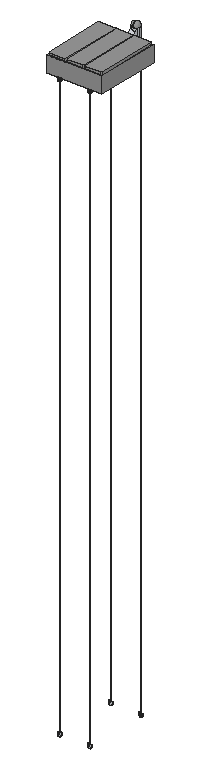
Revit family "62161", category Lighting Fixtures, host Face, Revit 2018
Family settings
  Host = Face
  Round Connector Dimension = Use Diameter
  Part Type = Normal
  OmniClass Number = 23.80.70.00
  OmniClass Title = Lighting
  Cut with Voids When Loaded = No
  Light Source = Yes
  Shared = No
  Room Calculation Point = No
Parameters (values of type "0062161 KUBIXX 4000K 14KLM WIDE SSA N")
  Weight = "n/a"
  Wattage Comments = ""
  Wattage = 9.2903 W
  WarrantyStartDate [instance] = "n/a"
  WarrantyGuarantorParts = "n/a"
  WarrantyDurationUnit = "n/a"
  WarrantyDurationParts = ""
  WarrantyDescription = "http://www.sylvania-lighting.com"
  built-in parameter 1150110 = 1 (stored number, unit not read)
  Voltage = 0 V
  URL = "0"
  TypeName = "KubiXx 4000K 14KLM WIDE SSA N"
  Type Image = <None>
  Type Comments = "n/a"
  Total length = 411.998 mm
  built-in parameter 1114217 = 1 (stored number, unit not read)
  Tilt Angle = -90.00°
  built-in parameter 1150109 = 1 (stored number, unit not read)
  built-in parameter 1150134 = 3
  Suspension height = 3000 mm
  built-in parameter 1150113 = 1 (stored number, unit not read)
  SerialNumber [instance] = "n/a"
  Photometric Web File = "0062161.IES"
  Material_3_SYL = none
  PowerFactor = 0
  PowerConsumption = "Lighting"
  NominalLength = 280 mm
  NominalHeight = 94 mm
  NominalDepth = 330 mm
  Name = "KubiXx 4000K 14KLM WIDE SSA N"
  ModelReference = Name  # "KubiXx 4000K 14KLM WIDE SSA N"
  ModelNumber = "0062161"
  Model = Name  # "KubiXx 4000K 14KLM WIDE SSA N"
  Material = "Feilo Sylvania"
  ManufacturerName = "172 lm/W"
  Manufacturer = ""
  LuminousEfficacy = ""
  built-in parameter 1150105 = 109.82 (stored number, unit not read)
  Lumens = 1380 lm
  LuminaireType = "0"
  built-in parameter 1150115 = 1 (stored number, unit not read)
  LightOutputRatio = "LED"
  built-in parameter 1150137 = (empty or 0)
  built-in parameter 1150139 = (empty or 0)
  LampsType = Lamp  # "n/a"
  LampNominalLuminous = "4000 K"
  LampMacAdamStep = "80"
  LampColourTemperature = "LED"
  LampColourRenderingIndex = "16500"
  built-in parameter 1150112 = 1 (stored number, unit not read)
  built-in parameter 1150114 = 1 (stored number, unit not read)
  Lamp = "n/a"
  Keynote = "n/a"
  InstallationDate [instance] = "n/a"
  InputVoltage = "0"
  InputNominalFrequency = "4000"
  built-in parameter 1150132 = (empty or 0)
  built-in parameter 1150102 = (empty or 0)
  built-in parameter 1150107 = 3200 (stored number, unit not read)
  built-in parameter 1150138 = (empty or 0)
  IngressProtection = "IfcLightFixtureType"
  ImpactProtectionIndex = "IfcLightFixtureType"
  built-in parameter 1150106 = 1.0982 (stored number, unit not read)
  IfcExportType = "IfcLightFixtureType"
  IfcExportAs = "Class I"
  Emit from Circle Diameter = 609.6 mm
  Emit Shape Visible in Rendering = no
  ElectricShockClassification = "172"
  built-in parameter 1150104 = 13.8 (stored number, unit not read)
  DocumentationLiterature = "http://www.sylvania-lighting.com/product/en-int/products/0062161"
  DimmingControlOptions = "n/a"
  Material_2_SYL = none
  Dimming Lamp Color Temperature Shift = <None>
  Description = "Logistics and Industry high bay luminaire with wide optics to provide homogenous light distribution for open space areas. 14300lumens, 83W, 172lm/W, 4000K, CRI80, wide beam optic, SylSmart SSA dimmable, 3 step MacAdam ellipse, grey finish (RAL7012), Class 1, 220-240V, IP65, IK06."
  Default Elevation = 1219.2 mm
  CreatedOn = "08/11/2023"
  CreatedBy = "@sylvania-lighting.com"
  Cost = 0
  Color Filter = 16777215
  built-in parameter 1114216 [instance] = (empty or 0)
  ClassificationValue = "EF_70_80"
  ClassificationName = "Uniclass2015"
  Material_1_SYL = none
  BarCode [instance] = "n/a"
  built-in parameter 1114218 = 1 (stored number, unit not read)
  built-in parameter 1150133 = 10 (stored number, unit not read)
  AssetType = "Fixed"
  AssetIdentifier [instance] = "n/a"
  Assembly Code = "D5020200"
  Apparent Load = 83 VA
  Material_4_SYL = none
Reference planes
  plane 1 "Center (Front/Back)": y = 0
  plane 2: z = 0
  plane 3 "Center (Left/Right)": x = 0
  plane 4: x = -140
  plane 5: x = 140
  plane 6: y = 165
  plane 7: y = -165
  plane 8: z = 94
  plane 9: x = -180.6
  plane 10: y = 160
  plane 11: y = -160
  plane 12: x = -93.6
  plane 13: x = -89.2
  plane 14: x = -2.2
  plane 15: x = 2.2
  plane 16: x = 89.2
  plane 17: x = 93.6
  plane 18: x = 180.6
  plane 19: x = 77.2
  plane 20: x = -77.2
  plane 21: x = -87.2
  plane 22: x = -67.2
  plane 23: z = -18
  plane 24: y = 162
  plane 25: z = -8
  plane 26: y = -162
  plane 27: z = 3083
  plane 28: z = 3094
  plane 29: y = 163.5
  plane 30: z = 3000
  plane 31: z = 2982
  plane 32: x = -225.6
  plane 33: x = 225.6
  plane 34: x = 138.6
  plane 35: x = -138.6
  plane 36: x = 134.2
  plane 37: x = -134.2
  plane 38: x = 47.2
  plane 39: x = -47.2
  plane 40: x = 42.795
  plane 41: x = -42.778
  plane 42: y = -258.869
  plane 43: y = 246.998
Forms (mm)
  Extrusion 1, solid, material "Aluminum", detail levels medium+fine
    sketch origin (0, 0, 0) x (1, 0, 0) y (0, 1, 0)
      loop
        line (-140, 165) -> (-140, -165) -> (140, -165) -> (140, 165) -> (-140, 165)
    from 3000 to 3083
  Extrusion 2, solid, material "Acetal Resin, White", detail levels medium+fine
    sketch origin (91.4, 0, 0) x (1, 0, 0) y (0, 1, 0)
      loop
        arc (-220.89, 160) -> (-224.425, 158.536) -> (-225.89, 155) r 5
        line (-225.89, 155) -> (-225.89, -155)
        arc (-225.89, -155) -> (-224.425, -158.536) -> (-220.89, -160) r 5
        line (-220.89, -160) -> (-143.578, -160)
        arc (-143.578, -160) -> (-140.042, -158.536) -> (-138.578, -155) r 5
        line (-138.578, -155) -> (-138.578, 155)
        arc (-138.578, 155) -> (-140.042, 158.536) -> (-143.578, 160) r 5
        line (-143.578, 160) -> (-220.89, 160)
    from 3083 to 3094
  Extrusion 3, solid, material "Acetal Resin, White", detail levels medium+fine
    sketch origin (182.8, 0, 0) x (1, 0, 0) y (0, 1, 0)
      loop
        arc (-130.605, 160) -> (-134.141, 158.536) -> (-135.605, 155) r 5
        line (-135.605, 155) -> (-135.605, -155)
        arc (-135.605, -155) -> (-134.141, -158.536) -> (-130.605, -160) r 5
        line (-130.605, -160) -> (-53.412, -160)
        arc (-53.412, -160) -> (-49.876, -158.536) -> (-48.412, -155) r 5
        line (-48.412, -155) -> (-48.412, 155)
        arc (-48.412, 155) -> (-49.876, 158.536) -> (-53.412, 160) r 5
        line (-53.412, 160) -> (-130.605, 160)
    from 3083 to 3094
  Extrusion 4, solid
    sketch origin (0, 0, 0) x (1, 0, 0) y (0, 0, 1)
      loop
        line (-87.2, 0) -> (-87.2, -8)
        arc (-87.2, -8) -> (-84.271, -15.071) -> (-77.2, -18) r 10
        arc (-77.2, -18) -> (-70.129, -15.071) -> (-67.2, -8) r 10
        line (-67.2, -8) -> (-67.2, 0) -> (-87.2, 0)
    from -165 to -162
  Extrusion 5, void
    sketch origin (0, 0, 0) x (1, 0, 0) y (0, 0, 1)
      loop
        circle (-77.2, -8) r 3
    from -169.572 to 175.485
  Extrusion 6, solid
    sketch origin (154.4, 0, 0) x (1, 0, 0) y (0, 0, 1)
      loop
        line (-87.2, 0) -> (-87.2, -8)
        arc (-87.2, -8) -> (-84.271, -15.071) -> (-77.2, -18) r 10
        arc (-77.2, -18) -> (-70.129, -15.071) -> (-67.2, -8) r 10
        line (-67.2, -8) -> (-67.2, 0) -> (-87.2, 0)
    from -165 to -162
  Extrusion 7, void
    sketch origin (154.4, 0, 0) x (1, 0, 0) y (0, 0, 1)
      loop
        circle (-77.2, -8) r 3
    from -169.572 to 188.62
  Extrusion 8, solid
    sketch origin (0, 0, 0) x (1, 0, 0) y (0, 0, 1)
      loop
        line (-87.2, 0) -> (-87.2, -8)
        arc (-87.2, -8) -> (-84.271, -15.071) -> (-77.2, -18) r 10
        arc (-77.2, -18) -> (-70.129, -15.071) -> (-67.2, -8) r 10
        line (-67.2, -8) -> (-67.2, 0) -> (-87.2, 0)
    from 162 to 165
  Extrusion 9, solid
    sketch origin (153.445, 0, 0) x (1, 0, 0) y (0, 0, 1)
      loop
        line (-86.235, 0) -> (-86.235, -7.889)
        arc (-86.235, -7.889) -> (-83.306, -14.96) -> (-76.235, -17.889) r 10
        arc (-76.235, -17.889) -> (-69.163, -14.96) -> (-66.235, -7.889) r 10
        line (-66.235, -7.889) -> (-66.235, 0) -> (-86.235, 0)
    from 162 to 165
  Extrusion 10, solid, material "Aluminum", detail levels fine
    sketch origin (0, 0, 2992) x (1, 0, 0) y (0, 0, 1)
      loop
        line (-87.2, 8) -> (-87.2, 0)
        arc (-87.2, 0) -> (-84.271, -7.071) -> (-77.2, -10) r 10
        arc (-77.2, -10) -> (-70.129, -7.071) -> (-67.2, 0) r 10
        line (-67.2, 0) -> (-67.2, 8) -> (-87.2, 8)
    from -165 to -162
  Extrusion 11, void
    sketch origin (0.086, 0, 2990.692) x (1, 0, 0) y (0, 0, 1)
      loop
        circle (-77.2, 0) r 3
    from -169.572 to 175.485
  Extrusion 12, solid, material "Aluminum", detail levels fine
    sketch origin (154.4, 0, 2992) x (1, 0, 0) y (0, 0, 1)
      loop
        line (-87.2, 8) -> (-87.2, 0)
        arc (-87.2, 0) -> (-84.271, -7.071) -> (-77.2, -10) r 10
        arc (-77.2, -10) -> (-70.129, -7.071) -> (-67.2, 0) r 10
        line (-67.2, 0) -> (-67.2, 8) -> (-87.2, 8)
    from -165 to -162
  Extrusion 13, void
    sketch origin (154.475, 0, 2991.254) x (1, 0, 0) y (0, 0, 1)
      loop
        circle (-77.2, 0) r 3
    from -169.572 to 188.62
  Extrusion 14, solid, material "Aluminum", detail levels fine
    sketch origin (0, 0, 2992) x (1, 0, 0) y (0, 0, 1)
      loop
        line (-87.2, 8) -> (-87.2, 0)
        arc (-87.2, 0) -> (-84.271, -7.071) -> (-77.2, -10) r 10
        arc (-77.2, -10) -> (-70.129, -7.071) -> (-67.2, 0) r 10
        line (-67.2, 0) -> (-67.2, 8) -> (-87.2, 8)
    from 162 to 165
  Extrusion 15, solid, material "Aluminum", detail levels fine
    sketch origin (153.445, 0, 2992) x (1, 0, 0) y (0, 0, 1)
      loop
        line (-86.235, 8) -> (-86.235, 0.111)
        arc (-86.235, 0.111) -> (-83.306, -6.96) -> (-76.235, -9.889) r 10
        arc (-76.235, -9.889) -> (-69.163, -6.96) -> (-66.235, 0.111) r 10
        line (-66.235, 0.111) -> (-66.235, 8) -> (-86.235, 8)
    from 162 to 165
  Extrusion 16, solid, material "Stainless Steel"
    sketch origin (0, 0, 0) x (1, 0, 0) y (0, 1, 0)
      loop
        circle (-77.2, 163.5) r 1
    from 0 to 3000
  Extrusion 17, solid, material "Stainless Steel"
    sketch origin (154.4, 0, 0) x (1, 0, 0) y (0, 1, 0)
      loop
        circle (-77.2, 163.5) r 1
    from 0 to 3000
  Extrusion 18, solid, material "Stainless Steel"
    sketch origin (0, -327, 0) x (1, 0, 0) y (0, 1, 0)
      loop
        circle (-77.2, 163.5) r 1
    from 0 to 3000
  Extrusion 19, solid, material "Stainless Steel"
    sketch origin (154.386, -327.05, 0) x (1, 0, 0) y (0, 1, 0)
      loop
        circle (-77.2, 163.5) r 1
    from 0 to 3000
  Extrusion 20, solid, detail levels coarse
    sketch origin (0, 0, 0) x (1, 0, 0) y (0, 0, 1)
      loop
        line (-140, 3094) -> (-140, 0) -> (140, 0) -> (140, 3094) -> (-140, 3094)
    from -246.772 to 165
  Extrusion 21, solid, material "Acetal Resin, White", detail levels medium+fine
    sketch origin (181.395, 0, 0) x (1, 0, 0) y (0, 1, 0)
      loop
        arc (-219.21, 160) -> (-222.746, 158.536) -> (-224.21, 155) r 5
        line (-224.21, 155) -> (-224.21, -155)
        arc (-224.21, -155) -> (-222.746, -158.536) -> (-219.21, -160) r 5
        line (-219.21, -160) -> (-143.578, -160)
        arc (-143.578, -160) -> (-140.042, -158.536) -> (-138.578, -155) r 5
        line (-138.578, -155) -> (-138.578, 155)
        arc (-138.578, 155) -> (-140.042, 158.536) -> (-143.578, 160) r 5
        line (-143.578, 160) -> (-219.21, 160)
    from 3083 to 3094
  Extrusion 22, solid, material "Acetal Resin, White", not visible
    sketch origin (319, 1524, 1219.2) x (0, 1, 0) y (0, 0, 1)
      loop
        line (-1689, 1833.8) -> (-1689, 1863.8) -> (-1799, 1863.8) -> (-1799, 1833.8) -> (-1689, 1833.8)
    from -339.5 to -298.5
  Extrusion 23, void, not visible
    sketch origin (0, 0, 0) x (1, 0, 0) y (0, 1, 0)
      loop
        line (-20.5, -254.5) -> (-20.5, -275) -> (0, -275)
        arc (0, -275) -> (-14.496, -268.996) -> (-20.5, -254.5) r 20.5
    from 3000 to 3132.374
  Extrusion 24, void, not visible
    sketch origin (0, 0, 0) x (1, 0, 0) y (0, 1, 0)
      loop
        arc (20.5, -254.5) -> (14.496, -268.996) -> (0, -275) r 20.5
        line (0, -275) -> (20.5, -275) -> (20.5, -254.5)
    from 3030.992 to 3095.862
  Extrusion 25, void, not visible
    sketch origin (319, 1524, 1219.2) x (0, 1, 0) y (0, 0, 1)
      loop
        line (-1724, 1863.8) -> (-1799, 1863.8) -> (-1799, 1851.8) -> (-1767, 1851.8) -> (-1724, 1863.8)
    from -390.202 to -258.5
  Revolve 26, solid, material "Acetal Resin, White", not visible
    sketch origin (-0.37, 1524, 1219.2) x (0, 1, 0) y (0, 0, 1)
      loop
        line (-1783, 1851.8) -> (-1767, 1851.8)
        arc (-1767, 1851.8) -> (-1773.505, 1859.304) -> (-1783, 1862.216) r 18.002
        line (-1783, 1862.216) -> (-1783, 1851.8)
      axis (-1783, 1862.216) -> (-1783, 1851.8)
    angle from -180 to 179.537
  Extrusion 27, solid, material "Acetal Resin, White", not visible
    sketch origin (319, 1524, 1219.2) x (0, 1, 0) y (0, 0, 1)
      loop
        line (-1689, 1833.8) -> (-1689, 1863.8) -> (-1799, 1863.8) -> (-1799, 1833.8) -> (-1689, 1833.8)
    from -339.5 to -298.5
  Extrusion 28, void, not visible
    sketch origin (0, 0, 0) x (1, 0, 0) y (0, 1, 0)
      loop
        line (-20.5, -254.5) -> (-20.5, -275) -> (0, -275)
        arc (0, -275) -> (-14.496, -268.996) -> (-20.5, -254.5) r 20.5
    from 3000 to 3132.374
  Extrusion 29, void, not visible
    sketch origin (0, 0, 0) x (1, 0, 0) y (0, 1, 0)
      loop
        arc (20.5, -254.5) -> (14.496, -268.996) -> (0, -275) r 20.5
        line (0, -275) -> (20.5, -275) -> (20.5, -254.5)
    from 3030.992 to 3095.862
  Extrusion 30, void, not visible
    sketch origin (319, 1524, 1219.2) x (0, 1, 0) y (0, 0, 1)
      loop
        line (-1724, 1863.8) -> (-1799, 1863.8) -> (-1799, 1851.8) -> (-1767, 1851.8) -> (-1724, 1863.8)
    from -390.202 to -258.5
  Revolve 31, solid, material "Acetal Resin, White", not visible
    sketch origin (-0.37, 1524, 1219.2) x (0, 1, 0) y (0, 0, 1)
      loop
        line (-1783, 1851.8) -> (-1767, 1851.8)
        arc (-1767, 1851.8) -> (-1773.505, 1859.304) -> (-1783, 1862.216) r 18.002
        line (-1783, 1862.216) -> (-1783, 1851.8)
      axis (-1783, 1862.216) -> (-1783, 1851.8)
    angle from -180 to 179.537
  Blend 32, solid
    base sketch origin (0, -0.051, 0) x (1, 0, 0) y (0, 1, 0)
      loop
        circle (0, 228) r 19
    top sketch origin (0, -0.051, 0) x (1, 0, 0) y (0, 1, 0)
      loop
        circle (0, 228) r 19
    from 3039 to 3094
  Revolve 33, solid, material "Acetal Resin, White"
    sketch origin (-0.021, 1523.949, 1219.237) x (0, 1, 0) y (0, 0, 1)
      loop
        line (-1296, 1874.8) -> (-1277, 1874.8)
        arc (-1277, 1874.8) -> (-1282.5, 1888.6) -> (-1296, 1894.8) r 20
        line (-1296, 1894.8) -> (-1296, 1874.8)
      axis (-1296, 1894.8) -> (-1296, 1874.8)
    angle from 179.389 to 539.028
  Extrusion 34, solid
    sketch origin (0, -0.051, 0) x (1, 0, 0) y (0, 1, 0)
      loop
        line (-13.5, 214.609) -> (-13.5, 165) -> (13.5, 165) -> (13.5, 214.609) -> (-13.5, 214.609)
    from 3039 to 3083
  Extrusion 35, void
    sketch origin (319, 1523.949, 1219.2) x (0, 1, 0) y (0, 0, 1)
      loop
        line (-1309.391, 1863.8) -> (-1359, 1863.8) -> (-1359, 1843.8) -> (-1333.226, 1843.8) -> (-1309.391, 1863.8)
    from -343.775 to -294
  Blend 36, solid, not visible
    base sketch origin (0, 0, 0) x (1, 0, 0) y (0, 1, 0)
      loop
        circle (0, 228) r 19
    top sketch origin (0, 0, 0) x (1, 0, 0) y (0, 1, 0)
      loop
        circle (0, 228) r 19
    from 3039 to 3094
  Revolve 37, solid, material "Acetal Resin, White", not visible
    sketch origin (-0.021, 1524, 1219.237) x (0, 1, 0) y (0, 0, 1)
      loop
        line (-1296, 1874.8) -> (-1277, 1874.8)
        arc (-1277, 1874.8) -> (-1282.5, 1888.6) -> (-1296, 1894.8) r 20
        line (-1296, 1894.8) -> (-1296, 1874.8)
      axis (-1296, 1894.8) -> (-1296, 1874.8)
    angle from 179.389 to 539.028
  Extrusion 38, solid, not visible
    sketch origin (0, 0, 0) x (1, 0, 0) y (0, 1, 0)
      loop
        line (-13.5, 214.609) -> (-13.5, 165) -> (13.5, 165) -> (13.5, 214.609) -> (-13.5, 214.609)
    from 3039 to 3083
  Extrusion 39, void, not visible
    sketch origin (319, 1524, 1219.2) x (0, 1, 0) y (0, 0, 1)
      loop
        line (-1309.391, 1863.8) -> (-1359, 1863.8) -> (-1359, 1843.8) -> (-1333.226, 1843.8) -> (-1309.391, 1863.8)
    from -343.775 to -294
Cuts and joins
  Extrusion 5, Extrusion 7, Extrusion 11 cuts Extrusion 4
  Extrusion 7, Extrusion 13 cuts Extrusion 6
  Extrusion 5, Extrusion 11 cuts Extrusion 8
  Extrusion 7, Extrusion 13 cuts Extrusion 9
  Extrusion 11 cuts Extrusion 10
  Extrusion 11 cuts Extrusion 14
  Extrusion 13 cuts Extrusion 12
  Extrusion 13 cuts Extrusion 15
  Extrusion 35 cuts Extrusion 34
Dimensions and locks
  "NominalLength": plane 4 to plane 5
  equal spacing: plane 4, plane 3 "Center (Left/Right)", plane 5
  "NominalDepth": plane 6 to plane 7
  equal spacing: plane 6, plane 1 "Center (Front/Back)", plane 7
  "NominalHeight": plane 8 to level
  Extrusion 3 to plane 3 "Center (Left/Right)" = 47.195 mm
  plane 3 "Center (Left/Right)" to Extrusion 2 = 134.49 mm
  "Suspension height": level to plane 30
  plane 28 to plane 27 = 11 mm
  "NominalHeight": plane 30 to plane 28
  "Total length": plane 43 to plane 7
  aligned and locked: plane 2 to host face
  aligned and locked: level to host face
Automatic sketch dimensions
  host sketch curve to host sketch curve = 2438.4 mm  (x2)
  Extrusion 1 sketch curve to plane 4 = 0 mm
  Extrusion 1 sketch curve to plane 5 = 0 mm
  Extrusion 1 sketch curve to plane 7 = 0 mm
  Extrusion 1 sketch curve to plane 6 = 0 mm
  Extrusion 2 sketch curve to plane 11 = 0 mm
  Extrusion 2 sketch curve to plane 10 = 0 mm
  plane 37 to Extrusion 2 sketch curve = 0.29 mm
  Extrusion 2 sketch curve to plane 37 = 4.71 mm  (x2)
  plane 39 to Extrusion 2 sketch curve = 4.978 mm  (x2)
  Extrusion 2 sketch curve to plane 39 = 0.022 mm
  Extrusion 3 sketch curve to plane 11 = 0 mm
  Extrusion 3 sketch curve to plane 10 = 0 mm
  plane 38 to Extrusion 3 sketch curve = 0.005 mm
  Extrusion 3 sketch curve to plane 38 = 4.995 mm  (x2)
  plane 36 to Extrusion 3 sketch curve = 4.812 mm  (x2)
  Extrusion 3 sketch curve to plane 36 = 0.188 mm
  Extrusion 4 sketch curve to Extrusion 4 sketch curve = 0 mm  (x2)
  Extrusion 4 sketch curve to plane 21 = 0 mm
  Extrusion 4 sketch curve to plane 20 = 0 mm
  Extrusion 4 sketch curve to plane 23 = 0 mm
  Extrusion 4 sketch curve to level = 0 mm
  Extrusion 5 sketch curve to plane 20 = 0 mm
  Extrusion 5 sketch curve to plane 25 = 0 mm
  Extrusion 6 sketch curve to Extrusion 6 sketch curve = 0 mm  (x2)
  Extrusion 6 sketch curve to plane 25 = 0 mm
  Extrusion 6 sketch curve to level = 0 mm
  Extrusion 6 sketch curve to plane 19 = 0 mm
  Extrusion 6 sketch curve to plane 23 = 0 mm
  Extrusion 7 sketch curve to plane 19 = 0 mm
  Extrusion 7 sketch curve to plane 25 = 0 mm
  Extrusion 8 sketch curve to Extrusion 8 sketch curve = 0 mm  (x2)
  Extrusion 8 sketch curve to plane 21 = 0 mm
  Extrusion 8 sketch curve to plane 20 = 0 mm
  Extrusion 8 sketch curve to plane 23 = 0 mm
  Extrusion 8 sketch curve to level = 0 mm
  Extrusion 9 sketch curve to Extrusion 9 sketch curve = 0 mm  (x2)
  Extrusion 9 sketch curve to level = 0 mm
  plane 25 to Extrusion 9 sketch curve = 0.111 mm
  Extrusion 9 sketch curve to plane 19 = 9.989 mm
  plane 19 to Extrusion 9 sketch curve = 0.011 mm
  Extrusion 10 sketch curve to Extrusion 10 sketch curve = 0 mm  (x2)
  Extrusion 10 sketch curve to plane 21 = 0 mm
  Extrusion 10 sketch curve to plane 20 = 0 mm
  Extrusion 10 sketch curve to plane 31 = 0 mm
  Extrusion 10 sketch curve to plane 30 = 0 mm
  plane 20 to Extrusion 11 sketch curve = 0.086 mm
  plane 31 to Extrusion 11 sketch curve = 8.692 mm
  Extrusion 12 sketch curve to Extrusion 12 sketch curve = 0 mm  (x2)
  Extrusion 12 sketch curve to plane 30 = 0 mm
  Extrusion 12 sketch curve to plane 19 = 0 mm
  Extrusion 12 sketch curve to plane 31 = 0 mm
  Extrusion 12 sketch curve to plane 19 = 10 mm
  plane 19 to Extrusion 13 sketch curve = 0.075 mm
  Extrusion 13 sketch curve to plane 30 = 8.746 mm
  Extrusion 14 sketch curve to Extrusion 14 sketch curve = 0 mm  (x2)
  Extrusion 14 sketch curve to plane 21 = 0 mm
  Extrusion 14 sketch curve to plane 20 = 0 mm
  Extrusion 14 sketch curve to plane 31 = 0 mm
  Extrusion 14 sketch curve to plane 30 = 0 mm
  Extrusion 15 sketch curve to Extrusion 15 sketch curve = 0 mm  (x2)
  Extrusion 15 sketch curve to plane 30 = 0 mm
  Extrusion 15 sketch curve to plane 19 = 9.989 mm
  plane 19 to Extrusion 15 sketch curve = 0.011 mm
  Extrusion 15 sketch curve to Extrusion 15 sketch curve = 7.889 mm
  Extrusion 16 sketch curve to plane 20 = 0 mm
  Extrusion 16 sketch curve to plane 29 = 0 mm
  Extrusion 17 sketch curve to plane 19 = 0 mm
  plane 29 to Extrusion 17 sketch curve = 0 mm
  Extrusion 18 sketch curve to plane 20 = 0 mm
  plane 7 to Extrusion 18 sketch curve = 1.5 mm
  Extrusion 19 sketch curve to plane 19 = 0.014 mm
  plane 7 to Extrusion 19 sketch curve = 1.45 mm
  Extrusion 20 sketch curve to level = 0 mm
  Extrusion 20 sketch curve to plane 4 = 0 mm
  Extrusion 20 sketch curve to plane 5 = 0 mm
  Extrusion 20 sketch curve to plane 28 = 0 mm
  Extrusion 21 sketch curve to plane 11 = 0 mm
  Extrusion 21 sketch curve to plane 10 = 0 mm
  plane 41 to Extrusion 21 sketch curve = 0.038 mm
  Extrusion 21 sketch curve to plane 41 = 4.962 mm  (x2)
  plane 40 to Extrusion 21 sketch curve = 4.978 mm  (x2)
  Extrusion 21 sketch curve to plane 40 = 0.022 mm
  Revolve 26 sketch curve to Revolve 26 sketch curve = 2.581 mm
  Extrusion 22 sketch curve to Extrusion 22 sketch curve = 110 mm
  Extrusion 22 sketch curve to Extrusion 22 sketch curve = 30 mm
  Revolve 26 sketch curve to Revolve 26 sketch curve = 0.327 mm
  Revolve 26 sketch curve to Revolve 26 sketch curve = 16 mm
  Revolve 26 sketch curve to Revolve 26 sketch curve = 7.582 mm
  Revolve 26 sketch curve to Revolve 26 sketch curve = 0 mm
  Revolve 26 sketch curve to Revolve 26 sketch curve = 3.524 mm
  Extrusion 23 sketch curve to Extrusion 23 sketch curve = 20.5 mm
  Extrusion 24 sketch curve to Extrusion 24 sketch curve = 20.5 mm
  Extrusion 25 sketch curve to Extrusion 25 sketch curve = 32 mm
  Extrusion 25 sketch curve to Extrusion 25 sketch curve = 43 mm
  Extrusion 25 sketch curve to Extrusion 25 sketch curve = 12 mm
  Revolve 31 sketch curve to Revolve 31 sketch curve = 2.581 mm
  Extrusion 27 sketch curve to Extrusion 27 sketch curve = 110 mm
  Extrusion 27 sketch curve to Extrusion 27 sketch curve = 30 mm
  Revolve 31 sketch curve to Revolve 31 sketch curve = 0.327 mm
  Revolve 31 sketch curve to Revolve 31 sketch curve = 16 mm
  Revolve 31 sketch curve to Revolve 31 sketch curve = 7.582 mm
  Revolve 31 sketch curve to Revolve 31 sketch curve = 0 mm
  Revolve 31 sketch curve to Revolve 31 sketch curve = 3.524 mm
  Extrusion 28 sketch curve to Extrusion 28 sketch curve = 20.5 mm
  Extrusion 29 sketch curve to Extrusion 29 sketch curve = 20.5 mm
  Extrusion 30 sketch curve to Extrusion 30 sketch curve = 32 mm
  Extrusion 30 sketch curve to Extrusion 30 sketch curve = 43 mm
  Extrusion 30 sketch curve to Extrusion 30 sketch curve = 12 mm
  Revolve 33 sketch curve to Revolve 33 sketch curve = 1 mm
  Revolve 33 sketch curve to Revolve 33 sketch curve = 19 mm
  Revolve 33 sketch curve to Revolve 33 sketch curve = 0.025 mm
  Revolve 33 sketch curve to Revolve 33 sketch curve = 0 mm
  Revolve 33 sketch curve to Revolve 33 sketch curve = 8.022 mm
  Revolve 33 sketch curve to Revolve 33 sketch curve = 11.978 mm
  Extrusion 34 sketch curve to Extrusion 34 sketch curve = 27 mm
  Extrusion 34 sketch curve to Extrusion 34 sketch curve = 49.609 mm
  Extrusion 35 sketch curve to Extrusion 35 sketch curve = 25.774 mm
  Extrusion 35 sketch curve to Extrusion 35 sketch curve = 23.835 mm
  Extrusion 35 sketch curve to Extrusion 35 sketch curve = 20 mm
  Revolve 37 sketch curve to Revolve 37 sketch curve = 1 mm
  Revolve 37 sketch curve to Revolve 37 sketch curve = 19 mm
  Revolve 37 sketch curve to Revolve 37 sketch curve = 0.025 mm
  Revolve 37 sketch curve to Revolve 37 sketch curve = 0 mm
  Revolve 37 sketch curve to Revolve 37 sketch curve = 8.022 mm
  Revolve 37 sketch curve to Revolve 37 sketch curve = 11.978 mm
  Extrusion 38 sketch curve to Extrusion 38 sketch curve = 27 mm
  Extrusion 38 sketch curve to Extrusion 38 sketch curve = 49.609 mm
  Extrusion 39 sketch curve to Extrusion 39 sketch curve = 25.774 mm
  Extrusion 39 sketch curve to Extrusion 39 sketch curve = 23.835 mm
  Extrusion 39 sketch curve to Extrusion 39 sketch curve = 20 mm
  Blend 32 sketch curve to plane 3 "Center (Left/Right)" = 0 mm  (x2)
  Blend 32 sketch curve to plane 43 = 19.049 mm  (x2)
  plane 28 to Revolve 33 sketch curve = 0.062 mm
  Revolve 33 sketch curve to plane 43 = 20.049 mm
  Extrusion 34 sketch curve to plane 6 = 0.051 mm
  Extrusion 34 sketch curve to plane 14 = 11.3 mm
  Extrusion 35 sketch curve to plane 27 = 0 mm
  Extrusion 35 sketch curve to plane 6 = 0.051 mm
  radius of Extrusion 5 sketch curve = 3 mm
  radius of Extrusion 7 sketch curve = 3 mm
  radius of Extrusion 11 sketch curve = 3 mm
  radius of Extrusion 13 sketch curve = 3 mm
  radius of Extrusion 16 sketch curve = 1 mm
  radius of Extrusion 17 sketch curve = 1 mm
  radius of Extrusion 18 sketch curve = 1 mm
  radius of Extrusion 19 sketch curve = 1 mm
  radius of Blend 32 sketch curve = 19 mm  (x2)
  radius of Blend 36 sketch curve = 19 mm  (x2)
Connectors
  electrical at (0, 0, 3000)
    settings: on Extrusion 1, index 1, voltage 0 V, apparent load 0 VA, apparent load phase1 0 VA, apparent load phase2 0 VA, apparent load phase3 0 VA, power factor 1, load classification "Other", number of poles 1, system type 31, power factor state 1, is connector primary yes, connector utility no, sub classification motor no, connector description ""
